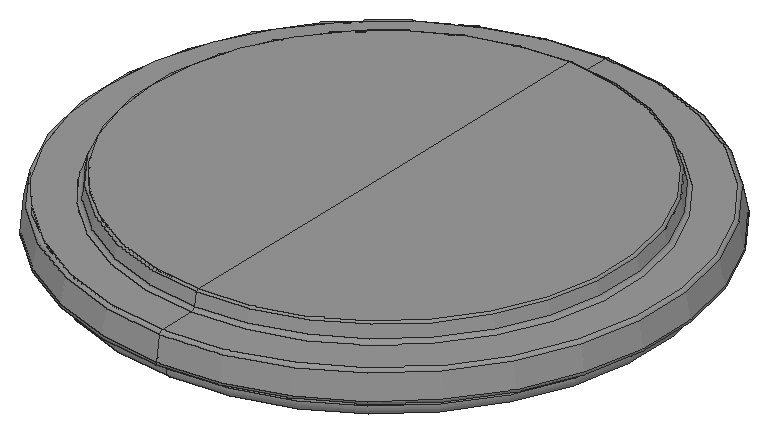
Revit family "FMK13_63_UN_Surface-mounted_ETK", category Lighting Fixtures, Revit 2017 (continued)
Definition of nested family "FMK.1 - Lightsource"
  Types (13, lengths in mm): name | Wattage Comments | Photometric Web File | built-in parameter 1150142 | Apparent Load
    FMK.1109.10N - Ø250x48 / 12W | "12W" | "FMK.1109.10n.ies" | "IESNA:LM-63-2002\r\n[TEST] /2015\r\n[TESTLAB] ies2eulumdat.appspot.com\r\n[ISSUEDATE] 2021-06-16T09:00:21.829\r\n[MANUFAC] www.etk.nl\r\n[LUMCAT] FMK.1109.10\r\n[LUMINAIRE] FMK.1 LED 12W 3000/4000/5700K ø250 niet dimbaar\r\n[LAMPCAT] LED\r\n[LAMP] LED\r\nTILT=NONE\r\n1\t1150\t1\t46\t180\t1\t2\t-0.250\t-0.250\t0\r\n1.0\t1.0\t11.80\r\n0\t 2\t 4\t 6\t 8\t 10\t 12\t 14\t 16\t 18\r\n20\t 22\t 24\t 26\t 28\t 30\t 32\t 34\t 36\t 38\r\n40\t 42\t 44\t 46\t 48\t 50\t 52\t 54\t 56\t 58\r\n60\t 62\t 64\t 66\t 68\t 70\t 72\t 74\t 76\t 78\r\n80\t 82\t 84\t 86\t 88\t 90\r\n0\t 2\t 4\t 6\t 8\t 10\t 12\t 14\t 16\t 18\r\n20\t 22\t 24\t 26\t 28\t 30\t 32\t 34\t 36\t 38\r\n40\t 42\t 44\t 46\t 48\t 50\t 52\t 54\t 56\t 58\r\n60\t 62\t 64\t 66\t 68\t 70\t 72\t 74\t 76\t 78\r\n80\t 82\t 84\t 86\t 88\t 90\t 92\t 94\t 96\t 98\r\n100\t 102\t 104\t 106\t 108\t 110\t 112\t 114\t 116\t 118\r\n120\t 122\t 124\t 126\t 128\t 130\t 132\t 134\t 136\t 138\r\n140\t 142\t 144\t 146\t 148\t 150\t 152\t 154\t 156\t 158\r\n160\t 162\t 164\t 166\t 168\t 170\t 172\t 174\t 176\t 178\r\n180\t 182\t 184\t 186\t 188\t 190\t 192\t 194\t 196\t 198\r\n200\t 202\t 204\t 206\t 208\t 210\t 212\t 214\t 216\t 218\r\n220\t 222\t 224\t 226\t 228\t 230\t 232\t 234\t 236\t 238\r\n240\t 242\t 244\t 246\t 248\t 250\t 252\t 254\t 256\t 258\r\n260\t 262\t 264\t 266\t 268\t 270\t 272\t 274\t 276\t 278\r\n280\t 282\t 284\t 286\t 288\t 290\t 292\t 294\t 296\t 298\r\n300\t 302\t 304\t 306\t 308\t 310\t 312\t 314\t 316\t 318\r\n320\t 322\t 324\t 326\t 328\t 330\t 332\t 334\t 336\t 338\r\n340\t 342\t 344\t 346\t 348\t 350\t 352\t 354\t 356\t 358\r\n\r\n405.3384\t404.7765\t404.2265\t402.9975\t401.1013\t399.2051\t395.3191\t391.4331\t387.5471\t383.661\r\n379.7751\t373.4779\t367.169\t360.8717\t354.5746\t348.2657\t339.7094\t331.1415\t322.5852\t314.029\r\n305.461\t294.8096\t284.1582\t273.5069\t262.8555\t252.2041\t239.7267\t227.261\t214.7837\t202.3181\r\n189.8525\t177.3751\t164.9094\t152.432\t139.9664\t127.4891\t0\t0\t0\t0\r\n0\t0\t0\t0\t0\t0\r\n405.3384\t404.7925\t404.2577\t403.0448\t401.1686\t399.2994\t395.4335\t391.5606\t387.7102\t383.8203\r\n379.9334\t373.6444\t367.3443\t361.0453\t354.7325\t348.4388\t339.8983\t331.3616\t322.8117\t314.2627\r\n305.722\t295.0872\t284.4404\t273.8022\t263.1576\t252.5163\t240.0548\t227.5873\t215.131\t202.664\r\n190.1945\t177.7378\t165.2697\t152.8012\t140.3312\t128.1946\t0.3296\t0\t0\t0\r\n0\t0\t0\t0\t0\t0\r\n405.3384\t404.8094\t404.2892\t403.0935\t401.2796\t399.4809\t395.6213\t391.7396\t387.8385\t383.9437\r\n380.072\t373.802\t367.5085\t361.2065\t354.9129\t348.6531\t340.137\t331.5961\t323.0451\t314.5012\r\n305.9895\t295.3818\t284.734\t274.0862\t263.4264\t252.8071\t240.376\t227.9231\t215.4572\t202.995\r\n190.53\t178.0631\t165.6056\t153.1389\t140.6717\t129.4859\t1.3419\t0\t0\t0\r\n0\t0\t0\t0\t0\t0\r\n405.3384\t404.8271\t404.3209\t403.1488\t401.3532\t399.5783\t395.7291\t391.8382\t387.9181\t384.0265\r\n380.1901\t373.9544\t367.6616\t361.3486\t355.0482\t348.8012\t340.3437\t331.8018\t323.2501\t314.6929\r\n306.2129\t295.662\t285.012\t274.3604\t263.7094\t253.1247\t240.74\t228.2758\t215.8122\t203.3491\r\n190.8749\t178.4127\t165.9503\t153.4898\t141.027\t131.3458\t3.1025\t0\t0\t0\r\n0\t0\t0\t0\t0\t0\r\n405.3384\t404.8458\t404.3591\t403.1978\t401.4167\t399.6486\t395.7816\t391.8937\t388.0038\t384.1068\r\n380.2987\t374.1143\t367.817\t361.5156\t355.2003\t348.9967\t340.5979\t332.043\t323.4957\t314.942\r\n306.4955\t295.9896\t285.3021\t274.6328\t263.9659\t253.4202\t241.0823\t228.6129\t216.1591\t203.6915\r\n191.2234\t178.7558\t166.3001\t153.8352\t141.371\t133.6544\t5.718\t0\t0\t0\r\n0\t0\t0\t0\t0\t0\r\n405.3384\t404.8652\t404.3908\t403.2459\t401.4706\t399.6646\t395.8675\t391.9843\t388.0857\t384.1821\r\n380.4316\t374.3456\t368.0256\t361.7021\t355.3697\t349.2\t340.8799\t332.2872\t323.6935\t315.0968\r\n306.6804\t296.3012\t285.6181\t274.9391\t264.248\t253.707\t241.4578\t228.9766\t216.4988\t204.0245\r\n191.5571\t179.0864\t166.6186\t154.1544\t141.6922\t136.24\t9.3369\t0\t0\t0\r\n0\t0\t0\t0\t0\t0\r\n405.3384\t404.8854\t404.4219\t403.2933\t401.5055\t399.7186\t395.9651\t392.0842\t388.1903\t384.3067\r\n380.5784\t374.5562\t368.2162\t361.8639\t355.4958\t349.3364\t341.1183\t332.5123\t323.9013\t315.2964\r\n306.9063\t296.6299\t285.9122\t275.1976\t264.4831\t253.9575\t241.8218\t229.3201\t216.8328\t204.3396\r\n191.8483\t179.3695\t166.8926\t154.4222\t141.9565\t138.8551\t14.1501\t0\t0\t0\r\n0\t0\t0\t0\t0\t0\r\n405.3384\t404.9066\t404.4521\t403.3398\t401.5506\t399.7766\t396.0731\t392.2029\t388.3231\t384.3922\r\n380.6589\t374.7488\t368.3792\t361.9898\t355.5837\t349.4181\t341.3685\t332.7528\t324.1099\t315.4532\r\n307.0598\t296.9581\t286.2249\t275.4731\t264.7159\t254.1799\t242.1928\t229.6762\t217.1659\t204.6692\r\n192.1717\t179.6758\t167.1817\t154.6978\t142.2295\t141.3105\t20.401\t0\t0\t0\r\n0\t0\t0\t0\t0\t0\r\n405.3384\t404.9688\t404.4817\t403.3908\t401.5946\t399.8358\t396.2032\t392.3475\t388.4203\t384.4425\r\n380.7195\t374.9437\t368.5473\t362.1238\t355.6851\t349.5134\t341.9282\t332.9785\t324.3069\t315.6402\r\n306.9436\t297.5694\t286.5262\t275.7395\t264.9593\t254.1623\t242.7912\t230.0358\t217.5005\t204.986\r\n192.4711\t179.9636\t167.4644\t154.9748\t142.4941\t143.2492\t28.3764\t0\t0\t0\r\n0\t0\t0\t0\t0\t0\r\n405.3384\t404.9901\t404.5102\t403.434\t401.6375\t399.8986\t396.3675\t392.4653\t388.4946\t384.4886\r\n380.7515\t375.1532\t368.7296\t362.2829\t355.7949\t349.2691\t342.1908\t333.257\t324.528\t315.7751\r\n307.0363\t297.9246\t286.8722\t276.0236\t265.1733\t254.3419\t243.18\t230.433\t217.8766\t205.3224\r\n192.7845\t180.2462\t167.7206\t155.2142\t142.724\t144.3059\t38.4235\t0\t0\t0\r\n0\t0\t0\t0\t0\t0\r\n405.3384\t405.0108\t404.5376\t403.4745\t401.6757\t399.9613\t396.5103\t392.5677\t388.5717\t384.5293\r\n380.4421\t375.6788\t368.9428\t362.4278\t355.8852\t349.3419\t342.4468\t333.4846\t324.7196\t315.9401\r\n307.1422\t298.1755\t287.1691\t276.2852\t265.4162\t254.5351\t243.54\t230.8321\t218.2158\t205.6051\r\n193.0422\t180.5018\t167.9628\t155.4439\t142.9509\t130.4715\t80.1717\t0\t0\t0\r\n0\t0\t0\t0\t0\t0\r\n405.3384\t405.0308\t404.5638\t403.5122\t401.7197\t400.0344\t396.6479\t392.675\t388.642\t384.5539\r\n380.446\t375.8849\t369.1475\t362.5941\t356.0076\t349.3402\t342.606\t333.7678\t324.9507\t316.0958\r\n307.1888\t298.3823\t287.5427\t276.5987\t265.6547\t254.6769\t243.7733\t231.1892\t218.5583\t205.9536\r\n193.3574\t180.7795\t168.2176\t155.6732\t143.1664\t130.6811\t92.6587\t0\t0\t0\r\n0\t0\t0\t0\t0\t0\r\n405.3384\t405.0504\t404.5956\t403.547\t401.7653\t400.0733\t397.0342\t392.7846\t388.7175\t384.6009\r\n380.4658\t376.0643\t369.3866\t362.7735\t356.0799\t349.3699\t342.7566\t334.0832\t325.1628\t316.2179\r\n307.2752\t298.5357\t287.9146\t276.8913\t265.8705\t254.8646\t244.0337\t231.6235\t218.9315\t206.265\r\n193.6356\t181.0339\t168.4572\t155.9156\t143.3861\t130.8825\t104.473\t0\t0\t0\r\n0\t0\t0\t0\t0\t0\r\n405.3384\t405.0692\t404.6173\t403.5726\t401.812\t400.0922\t397.1653\t392.8976\t388.795\t384.6787\r\n380.4567\t376.1942\t369.6246\t362.9226\t356.2055\t349.4272\t342.8367\t334.3769\t325.3805\t316.3703\r\n307.3625\t298.3377\t288.5546\t277.2123\t266.1258\t255.0391\t244.1559\t232.0335\t219.3073\t206.6258\r\n193.9576\t181.3129\t168.7045\t156.1324\t143.5875\t131.0872\t115.0185\t0\t0\t0\r\n0\t0\t0\t0\t0\t0\r\n405.3384\t405.0876\t404.6362\t403.6022\t401.8688\t399.828\t397.2783\t392.9976\t388.9023\t384.7385\r\n380.4432\t376.2623\t369.8607\t363.1303\t356.3361\t349.4819\t342.5273\t334.9205\t325.6274\t316.563\r\n307.4647\t298.325\t288.8953\t277.552\t266.3836\t255.2249\t244.066\t232.6598\t219.71\t206.9637\r\n194.2635\t181.5828\t168.9417\t156.3369\t143.7678\t131.2452\t123.6219\t0\t0\t0\r\n0\t0\t0\t0\t0\t0\r\n405.3384\t405.1054\t404.6527\t403.6299\t401.9954\t399.8313\t397.3825\t393.1311\t389.0376\t384.7914\r\n380.4256\t376.2601\t370.1442\t363.3441\t356.5\t349.5195\t342.4467\t335.1645\t325.9313\t316.7695\r\n307.548\t298.3169\t289.1161\t277.9297\t266.651\t255.4032\t244.1853\t232.9715\t220.1319\t207.3312\r\n194.5444\t181.8166\t169.148\t156.5181\t143.9438\t131.4005\t129.5504\t10.7169\t0\t0\r\n0\t0\t0\t0\t0\t0\r\n405.3384\t405.1227\t404.6665\t403.6558\t402.0282\t399.8387\t397.4732\t393.2952\t389.1616\t384.8421\r\n380.4176\t375.9014\t370.721\t363.6037\t356.6569\t349.5494\t342.4061\t335.3294\t326.2421\t316.9739\r\n307.6665\t298.3454\t289.1781\t278.2878\t266.963\t255.6467\t244.3238\t233.1536\t220.5163\t207.6577\r\n194.8355\t182.0686\t169.3482\t156.6677\t144.0408\t131.4715\t131.8453\t25.923\t0\t0\r\n0\t0\t0\t0\t0\t0\r\n405.3384\t405.1396\t404.6776\t403.6776\t402.0538\t399.8619\t397.5341\t393.5083\t389.2881\t384.8846\r\n380.4261\t375.832\t370.9139\t363.9038\t356.8028\t349.6355\t342.4017\t335.332\t326.5796\t317.2212\r\n307.8198\t298.3417\t288.8594\t278.9905\t267.339\t255.8866\t244.4302\t233.0061\t221.1259\t208.0094\r\n195.1274\t182.2902\t169.5075\t156.7928\t144.1389\t131.538\t118.9821\t72.5747\t0\t0\r\n0\t0\t0\t0\t0\t0\r\n405.3384\t405.1559\t404.686\t403.7113\t402.0482\t399.882\t397.6063\t393.7003\t389.4083\t384.9648\r\n380.4586\t375.7543\t371.0891\t364.165\t357.0131\t349.7518\t342.4103\t334.9484\t327.1548\t317.4999\r\n307.9709\t298.3923\t288.8332\t279.2321\t267.7019\t256.1485\t244.593\t233.049\t221.4516\t208.379\r\n195.4187\t182.5259\t169.6952\t156.9157\t144.2105\t131.5685\t118.9925\t91.6472\t0\t0\r\n0\t0\t0\t0\t0\t0\r\n405.3384\t405.1718\t404.6918\t403.7304\t402.0748\t399.9057\t397.6713\t393.8957\t389.5114\t385.088\r\n380.4979\t375.7076\t371.0587\t364.4889\t357.2386\t349.9042\t342.4218\t334.8539\t327.2884\t317.8216\r\n308.1836\t298.5219\t288.784\t279.2695\t268.1369\t256.4569\t244.7869\t233.1079\t221.6219\t208.7797\r\n195.7476\t182.7712\t169.842\t157.0084\t144.2669\t131.5897\t118.9856\t106.3522\t0\t0\r\n0\t0\t0\t0\t0\t0\r\n405.3384\t405.1872\t404.677\t403.7455\t402.1069\t399.9332\t397.7438\t394.3242\t389.6719\t385.2237\r\n380.5442\t375.6807\t370.6129\t365.0631\t357.5309\t350.0674\t342.4859\t334.7817\t327.2448\t318.4473\r\n308.4635\t298.6371\t288.784\t278.8955\t268.7927\t256.8209\t244.9966\t233.2361\t221.4851\t209.3772\r\n196.0586\t182.9925\t170.014\t157.1221\t144.303\t131.5659\t118.922\t115.4507\t0.7529\t0\r\n0\t0\t0\t0\t0\t0\r\n405.3384\t405.2023\t404.5924\t403.7567\t402.1445\t399.9518\t397.5215\t394.4699\t389.8906\t385.382\r\n380.6063\t375.6074\t370.4961\t365.1827\t357.8531\t350.2794\t342.5728\t334.767\t326.8088\t318.7303\r\n308.7717\t298.8224\t288.8326\t278.8036\t268.8778\t257.2662\t245.3121\t233.3885\t221.4719\t209.6291\r\n196.4163\t183.2663\t170.1886\t157.217\t144.3317\t131.5459\t118.8227\t106.1876\t17.4697\t0\r\n0\t0\t0\t0\t0\t0\r\n405.3384\t405.217\t404.5944\t403.7643\t402.2164\t399.9969\t397.5215\t394.5348\t390.1198\t385.5481\r\n380.6842\t375.579\t370.3695\t365.1761\t358.5091\t350.5396\t342.7377\t334.7731\t326.7113\t318.7291\r\n309.1553\t299.0695\t288.9289\t278.7193\t268.5571\t257.9194\t245.6422\t233.5555\t221.5159\t209.6959\r\n196.8141\t183.564\t170.3986\t157.3153\t144.3298\t131.4311\t118.6433\t105.963\t65.2493\t0\r\n0\t0\t0\t0\t0\t0\r\n405.3384\t405.2314\t404.597\t403.7683\t402.259\t400.1387\t397.5142\t394.6254\t390.3718\t385.7346\r\n380.7618\t375.6336\t370.2359\t364.7113\t358.7633\t350.8369\t342.942\t334.8576\t326.6208\t318.2983\r\n309.7123\t299.3766\t289.0811\t278.7695\t268.3526\t258.0866\t246.0418\t233.822\t221.6258\t209.5032\r\n197.3492\t183.8918\t170.5912\t157.4067\t144.3357\t131.3476\t118.48\t105.7362\t86.9291\t0\r\n0\t0\t0\t0\t0\t0\r\n405.3384\t405.2454\t404.6007\t403.7691\t402.2969\t400.2013\t397.5194\t394.7022\t390.8756\t385.9297\r\n380.8283\t375.6809\t370.2029\t364.5257\t358.7975\t351.2443\t343.1931\t334.9798\t326.6184\t318.1094\r\n309.6994\t299.7814\t289.3562\t278.8261\t268.235\t257.6488\t246.725\t234.1375\t221.8235\t209.5282\r\n197.4412\t184.2693\t170.8692\t157.5318\t144.3183\t131.2485\t118.3192\t105.4985\t99.8452\t0\r\n0\t0\t0\t0\t0\t0\r\n405.3384\t405.2465\t404.6055\t403.7327\t402.33\t400.28\t397.5374\t394.7758\t391.1064\t386.1222\r\n380.9814\t375.6963\t370.1916\t364.3689\t358.3019\t351.8681\t343.551\t335.1761\t326.6651\t318.0094\r\n309.224\t300.3263\t289.676\t278.9673\t268.2109\t257.4449\t246.79\t234.5954\t222.0662\t209.6096\r\n197.2538\t184.796\t171.1111\t157.6776\t144.3725\t131.1929\t118.1378\t105.2239\t92.4606\t7.417\r\n0\t0\t0\t0\t0\t0\r\n405.3384\t405.26\t404.6117\t403.7331\t402.3583\t400.3318\t397.5727\t394.5667\t391.2865\t386.3445\r\n381.2477\t375.7985\t370.1959\t364.244\t358.0878\t351.9228\t343.9437\t335.4465\t326.8059\t317.9911\r\n309.0489\t300.2024\t290.2985\t279.2004\t268.2951\t257.2789\t246.344\t235.2056\t222.4167\t209.7955\r\n197.2042\t184.8605\t171.4948\t157.9091\t144.4487\t131.1247\t117.9609\t104.9565\t92.1149\t52.9313\r\n0\t0\t0\t0\t0\t0\r\n405.3384\t405.2736\t404.6193\t403.7351\t402.3811\t400.3748\t397.6302\t394.5872\t391.3781\t386.8119\r\n381.4951\t375.9993\t370.2514\t364.1293\t357.9116\t351.3889\t344.5079\t335.822\t327.0416\t318.0736\r\n308.9557\t299.6921\t290.3569\t279.5927\t268.421\t257.3226\t246.1\t234.903\t222.8814\t210.0311\r\n197.2958\t184.6475\t172.0079\t158.165\t144.5452\t131.0796\t117.7978\t104.7315\t91.8426\t76.8551\r\n0\t0\t0\t0\t0\t0\r\n405.3384\t405.2871\t404.6284\t403.7382\t402.383\t400.4092\t397.8019\t394.6157\t391.382\t386.9759\r\n381.7537\t376.2214\t370.3501\t364.1175\t357.7917\t351.1064\t344.4201\t336.5393\t327.3814\t318.2587\r\n308.9705\t299.4656\t289.8818\t280.0753\t268.8078\t257.4031\t245.984\t234.5829\t223.2864\t210.4452\r\n197.4796\t184.6232\t171.8738\t158.4916\t144.6856\t131.1101\t117.7175\t104.5034\t91.5471\t87.0893\r\n0\t0\t0\t0\t0\t0\r\n405.3384\t405.3008\t404.6392\t403.7418\t402.3989\t400.4352\t397.8747\t394.6614\t391.0674\t387.1128\r\n382.2229\t376.4632\t370.4832\t364.2203\t357.7251\t350.8963\t343.8101\t336.6669\t327.8215\t318.561\r\n309.1145\t299.4337\t289.6313\t279.6987\t269.4041\t257.6346\t246.0417\t234.3777\t222.7877\t211.0609\r\n197.8041\t184.6956\t171.7174\t158.9026\t144.9461\t131.1605\t117.657\t104.3263\t91.2411\t78.3968\r\n8.6356\t0\t0\t0\t0\t0\r\n405.3384\t405.3146\t404.6518\t403.7453\t402.4116\t400.4333\t397.9374\t394.7255\t391.0189\t387.2362\r\n382.4741\t376.7553\t370.621\t364.3583\t357.712\t350.7498\t343.5434\t336.0689\t328.3754\t318.9975\r\n309.3575\t299.5473\t289.484\t279.3984\t269.2587\t258.261\t246.2079\t234.3624\t222.4746\t210.6739\r\n198.3975\t184.9162\t171.7187\t158.643\t145.2545\t131.3415\t117.6016\t104.16\t90.981\t78.0548\r\n54.1337\t0\t0\t0\t0\t0\r\n405.3384\t405.4889\t404.6945\t403.6712\t402.4205\t400.4506\t397.9834\t394.8928\t390.9998\t386.973\r\n382.6577\t377.3141\t370.8707\t364.5641\t357.7877\t350.7046\t343.3801\t335.7208\t327.8525\t319.6767\r\n309.7968\t299.7787\t289.6134\t279.2245\t268.6962\t258.2578\t246.6038\t234.4814\t222.3847\t210.2821\r\n198.4381\t185.3347\t171.8446\t158.564\t145.4985\t131.5442\t117.6455\t104.0124\t90.7095\t77.7184\r\n71.0115\t0\t0\t0\t0\t0\r\n405.3384\t405.5009\t404.7104\t403.6809\t402.4254\t400.4644\t398.0198\t394.9896\t391.014\t386.9406\r\n382.6666\t377.537\t371.2201\t364.837\t357.9545\t350.7593\t343.2926\t335.5022\t327.46\t319.1538\r\n310.4783\t300.1684\t289.8497\t279.2431\t268.5397\t257.661\t246.8589\t234.8353\t222.4783\t210.092\r\n197.8192\t185.7046\t172.2109\t158.5712\t145.1721\t131.9025\t117.7262\t103.9048\t90.5045\t77.4349\r\n64.724\t0\t0\t0\t0\t0\r\n405.3384\t405.512\t404.7274\t403.6949\t402.4256\t400.4737\t398.0459\t395.0319\t391.1349\t386.9314\r\n382.368\t377.565\t371.7894\t365.1647\t358.2122\t350.925\t343.2805\t335.4297\t327.1908\t318.7224\r\n309.9642\t300.886\t290.2777\t279.5029\t268.5805\t257.4726\t246.2239\t235.0727\t222.7881\t210.1727\r\n197.5617\t185.0625\t172.6371\t158.8143\t145.0846\t131.6118\t117.8827\t103.9322\t90.3265\t77.1744\r\n64.48\t35.0653\t0\t0\t0\t0\r\n405.3384\t405.522\t404.7455\t403.7452\t402.4209\t400.4773\t398.0588\t395.0488\t391.1753\t387.0135\r\n382.3352\t377.2242\t371.9159\t365.7147\t358.5534\t351.2243\t343.4254\t335.4792\t327.0606\t318.4772\r\n309.4696\t300.3065\t290.8705\t280.0089\t268.8629\t257.5392\t246.0377\t234.4621\t222.8965\t210.6316\r\n197.5873\t184.7291\t171.9505\t159.2993\t145.2866\t131.4601\t118.0115\t103.9741\t90.2222\t76.9361\r\n64.1798\t56.618\t0\t0\t0\t0\r\n405.3384\t405.5308\t404.7649\t403.7651\t402.3395\t400.4737\t398.0593\t395.0424\t391.207\t387.0567\r\n382.3506\t377.1527\t371.6378\t365.821\t359.1154\t351.6039\t343.7387\t335.6237\t327.116\t318.3892\r\n309.185\t299.8538\t290.1589\t280.4669\t269.6277\t257.8645\t246.1541\t234.2897\t222.3665\t210.3175\r\n198.0481\t184.7232\t171.6272\t158.6683\t145.768\t131.577\t117.6798\t104.1455\t90.1031\t76.7097\r\n63.9092\t51.7004\t0\t0\t0\t0\r\n405.3384\t405.5388\t404.7856\t403.7878\t402.34\t400.4766\t398.0469\t395.016\t391.2276\t387.086\r\n382.4782\t377.1848\t371.6139\t365.5258\t359.2193\t352.1252\t344.383\t335.9209\t327.3527\t318.4608\r\n309.1505\t299.601\t289.7392\t279.6691\t269.2868\t258.5846\t246.5891\t234.456\t222.2595\t209.9698\r\n197.5743\t185.146\t171.655\t158.2647\t145.101\t132.0467\t117.7168\t103.7776\t90.1162\t76.5416\r\n63.6537\t51.4481\t11.4644\t0\t0\t0\r\n405.3384\t405.5455\t404.8079\t403.8136\t402.3469\t400.3632\t398.021\t394.9736\t391.2361\t387.0991\r\n382.4999\t377.3413\t371.7228\t365.4801\t358.9167\t352.0852\t344.7107\t336.4982\t327.7775\t318.7203\r\n309.3167\t299.5744\t289.5996\t279.3072\t268.7148\t257.8887\t247.047\t235.2639\t222.5436\t209.9771\r\n197.2699\t184.5597\t171.885\t158.2865\t144.6692\t131.337\t118.1829\t103.7905\t89.9666\t76.4265\r\n63.4089\t51.1676\t44.0861\t0\t0\t0\r\n405.3384\t405.5513\t404.9774\t403.8429\t402.3609\t400.3505\t397.8886\t394.8898\t391.2407\t387.0953\r\n382.4979\t377.3824\t371.7634\t365.5989\t358.905\t351.812\t344.4396\t336.63\t328.3847\t319.3177\r\n309.7407\t299.8087\t289.728\t279.2246\t268.459\t257.4328\t246.1417\t234.7065\t223.2024\t210.4254\r\n197.4644\t184.3923\t171.2764\t158.1367\t144.9817\t130.9885\t117.4819\t104.1949\t89.9202\t76.3115\r\n63.1698\t50.8615\t39.4911\t0\t0\t0\r\n405.3384\t405.5559\t404.9992\t403.8756\t402.382\t400.349\t397.8573\t394.7468\t391.2145\t387.0848\r\n382.4587\t377.3893\t371.7642\t365.6347\t359.0468\t351.9462\t344.3869\t336.3706\t328.1386\t319.4674\r\n310.3444\t300.4744\t290.1739\t279.4322\t268.5321\t257.3547\t245.836\t234.1207\t222.3374\t210.1954\r\n198.078\t184.7804\t171.3331\t157.8412\t144.3958\t131.1966\t117.2105\t103.4803\t90.2145\t76.2405\r\n62.9998\t50.5463\t39.207\t5.7837\t0\t0\r\n
